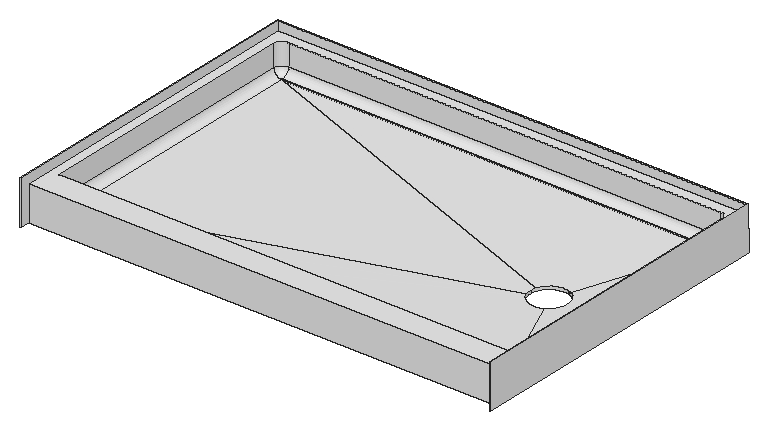
Revit family "P5436.V2 L-R", category Plumbing Fixtures, Revit 2019
Family settings
  Round Connector Dimension = Use Diameter
  Part Type = Normal
  OmniClass Number = 23.45.05.14.17
  OmniClass Title = Showers
  Work Plane-Based = No
  Always vertical = Yes
  Cut with Voids When Loaded = No
  Shared = No
  Room Calculation Point = No
Parameters (values of type "P5436.V2 L/R")
  Unit Width = 54"
  Unit Height = 5"
  Unit Depth = 37"
  URL = "http://www.bestbath.com/"
  Type Comments = "Remodeler"
  Model = "P5436.V2 L/R"
  Material [instance] = Best Bath Gelcoat Fiberglass - Smooth
  Manufacturer = "Best Bath Systems, Inc."
  Keynote = "22 40 00.B3"
  Description = "Shower Pan"
  Assembly Code = "D2010710"
Reference planes (in)
  plane 1 "Back": y = -0.5
  plane 2: z = 0
  plane 3 "Left": x = 0
  plane 4: x = 54
  plane 5: z = 4
  plane 6: z = 5
  plane 7: x = 45.5
  plane 8: y = 35.5
  plane 9: y = 17.5
  plane 10: x = 1.25
  plane 11: x = 52.75
  plane 12: y = 34.25
  plane 13: z = 0.625
  plane 14: z = 0.25
  plane 15: y = -1.5
Forms (in)
  Extrusion 1, solid, material "Best Bath Gelcoat Fiberglass - Smooth"
    sketch origin (0, 0, 0) x (1, 0, 0) y (0, 1, 0)
      loop
        line (0, -0.5) -> (1.25, -0.5) -> (1.25, 33.25)
        arc (1.25, 33.25) -> (1.54289, 33.95711) -> (2.25, 34.25) r 1
        line (2.25, 34.25) -> (51.75, 34.25)
        arc (51.75, 34.25) -> (52.45711, 33.95711) -> (52.75, 33.25) r 1
        line (52.75, 33.25) -> (52.75, -0.5) -> (54, -0.5) -> (54, 35.5) -> (0, 35.5) -> (0, -0.5)
    from 0 to 4
  Extrusion 2, solid, material "Best Bath Gelcoat Fiberglass - Smooth"
    sketch origin (0, 0, 0) x (1, 0, 0) y (0, 1, 0)
      loop
        line (0, -0.5) -> (54, -0.5) -> (54, 35.5) -> (0, 35.5) -> (0, -0.5)
      loop
        circle (45.5, 17.5) r 2.125
    from 0 to 0.625
  Sweep 3, solid, material "Best Bath Gelcoat Fiberglass - Smooth"
    path origin (0, 0, 0) x (1, 0, 0) y (0, 1, 0)
      loop
        line (52.75, -0.5) -> (52.75, 33.25)
        arc (52.75, 33.25) -> (52.45711, 33.95711) -> (51.75, 34.25) r 1
        line (51.75, 34.25) -> (2.25, 34.25)
        arc (2.25, 34.25) -> (1.54289, 33.95711) -> (1.25, 33.25) r 1
        line (1.25, 33.25) -> (1.25, -0.5)
    profile origin (1.25, 16.375, 0) x (1, 0, 0) y (0, 0, 1)
      loop
        line (0, 0.625) -> (0.9, 0.625)
        arc (0.9, 0.625) -> (0.2636, 0.8886) -> (0, 1.525) r 0.9
        line (0, 1.525) -> (0, 0.625)
  Blend 4, void
    base sketch origin (0, 0, 0) x (1, 0, 0) y (0, 1, 0)
      loop
        line (2.25, 3.5147) -> (51.75, 3.5147) -> (51.75, 33.25) -> (2.25, 33.25) -> (2.25, 3.5147)
    top sketch origin (0, 0, 0) x (1, 0, 0) y (0, 1, 0)
      loop
        circle (45.5, 17.5) r 0.10467
    from 0.625 to 0.25
  Sweep 5, solid, material "Best Bath Gelcoat Fiberglass - Smooth"
    path origin (0, 0, 0) x (1, 0, 0) y (0, 1, 0)
      loop
        line (1.25, -0.5) -> (52.75, -0.5)
    profile origin (27, -0.5, 0) x (0, 1, 0) y (0, 0, 1)
      loop
        line (0, 4) -> (0, 0) -> (4.11592, 0) -> (3.00305, 4) -> (0, 4)
  Extrusion 6, solid, material "Best Bath Gelcoat Fiberglass - Smooth"
    sketch origin (0, 0, 0) x (1, 0, 0) y (0, 1, 0)
      loop
        line (0, -1.5) -> (0.125, -1.5) -> (0.125, 35.375) -> (53.875, 35.375) -> (53.875, -1.5) -> (54, -1.5) -> (54, 35.5) -> (0, 35.5) -> (0, -1.5)
    from 0 to 5
Cuts and joins
  Blend 4 cuts Extrusion 1
  Blend 4 cuts Extrusion 2
  Blend 4 cuts Sweep 3
  joined: Extrusion 1, Extrusion 2, Sweep 3, Sweep 5, Extrusion 6
Dimensions and locks (in)
  "Unit Width": plane 3 "Left" to plane 4
  locked: plane 6 to plane 5 at 1
  "Unit Height": plane 6 to level
  plane 3 "Left" to plane 7 to plane 4 = 45 1/2", 8 1/2"
  locked: plane 8 to plane 12 at 1.25
  locked: plane 11 to plane 4 at 1.25
  locked: plane 3 "Left" to plane 10 at 1.25
  plane 8 to plane 9 = 18"
  locked: plane 13 to plane 14 at 0.375
  locked: plane 13 to level at 0.625
  locked: plane 15 to plane 1 "Back" at 1
  "Unit Depth": plane 8 to plane 15
  aligned and locked: level to plane 2
  aligned and locked: plane 9 to Extrusion 2 sketch curve
  aligned and locked: plane 7 to Extrusion 2 sketch curve
  aligned and locked: Sweep 3 to plane 13
  aligned and locked: Sweep 3 sketch curve to plane 13
  aligned and locked: plane 13 to Extrusion 2
  aligned and locked: plane 9 to Blend 4 sketch curve
  aligned and locked: plane 7 to Blend 4 sketch curve
  aligned and locked: Extrusion 2 to Blend 4
  aligned and locked: Blend 4 to plane 14
  aligned and locked: plane 5 to Extrusion 1
  aligned and locked: plane 5 to Sweep 5
  aligned and locked: plane 6 to Extrusion 6
Automatic sketch dimensions
  plane 1 "Back" to Extrusion 1 sketch curve = 0"  (x2)
  Extrusion 1 sketch curve to plane 3 "Left" = 0"
  Extrusion 1 sketch curve to plane 4 = 0"
  Extrusion 1 sketch curve to plane 8 = 0"
  Extrusion 1 sketch curve to plane 10 = 0"
  Extrusion 1 sketch curve to plane 12 = 0"
  Extrusion 1 sketch curve to plane 11 = 0"
  Extrusion 1 sketch curve to plane 12 = 1"
  plane 10 to Extrusion 1 sketch curve = 1"
  Extrusion 2 sketch curve to plane 4 = 0"
  Extrusion 2 sketch curve to plane 8 = 0"
  profile plane to Sweep 3 sketch curve = 0"
  Sweep 3 sketch curve to profile plane = 0.9"
  Extrusion 2 sketch curve to plane 3 "Left" = 0"
  plane 1 "Back" to Extrusion 2 sketch curve = 0"
  Sweep 3 sketch curve to plane 10 = 0"
  Sweep 3 sketch curve to plane 12 = 0"
  Sweep 3 sketch curve to plane 11 = 0"
  Sweep 3 sketch curve to plane 12 = 1"
  plane 1 "Back" to Sweep 3 sketch curve = 0"  (x2)
  plane 10 to Sweep 3 sketch curve = 1"
  plane 1 "Back" to Sweep 5 sketch curve = 0"
  Sweep 5 sketch curve to plane 10 = 0"
  Sweep 5 sketch curve to plane 11 = 0"
  Sweep 5 sketch curve to profile plane = 0"
  Sweep 5 sketch curve to level = 0"
  Sweep 5 sketch curve to profile plane = 3.00305"
  Sweep 5 sketch curve to profile plane = 4.11592"
  level to Sweep 5 sketch curve = 4"
  plane 10 to Blend 4 sketch curve = 1"
  Blend 4 sketch curve to plane 11 = 1"
  Blend 4 sketch curve to plane 1 "Back" = 4.0147"
  Blend 4 sketch curve to plane 12 = 1"
  Extrusion 6 sketch curve to plane 3 "Left" = 0"
  Extrusion 6 sketch curve to plane 15 = 0"  (x2)
  Extrusion 6 sketch curve to plane 4 = 0"
  Extrusion 6 sketch curve to plane 8 = 0"
  plane 3 "Left" to Extrusion 6 sketch curve = 1/8"
  plane 4 to Extrusion 6 sketch curve = 1/8"
  Extrusion 6 sketch curve to plane 8 = 1/8"
  radius of Extrusion 2 sketch curve = 2 1/8"
  radius of Blend 4 sketch curve = 0.10467"
